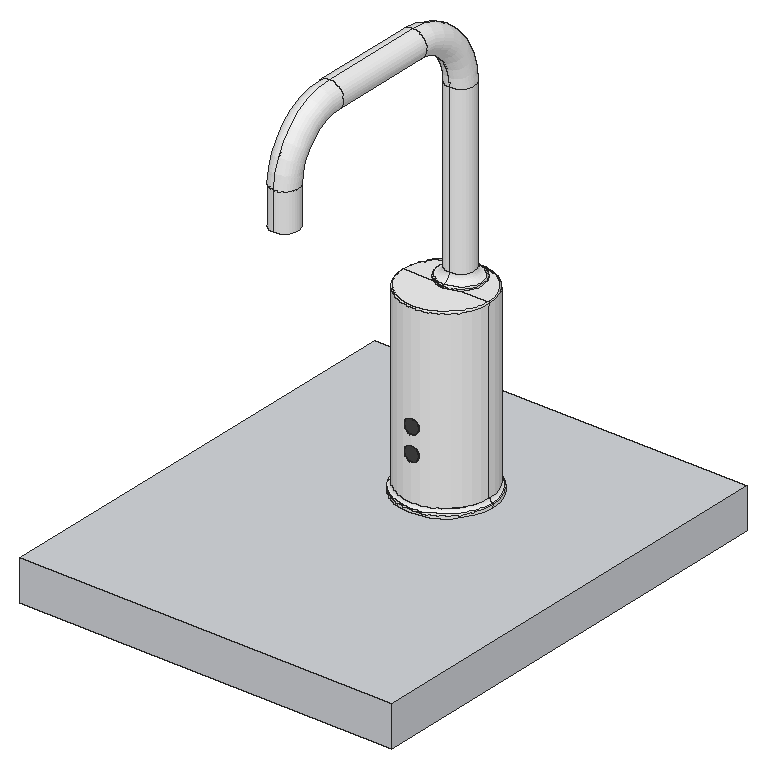
Revit family
Parameters (values of type "Chrome-Polished_Chrome-CP")
  Width = 0' - 2 5/8"
  WFU = 0
  URL = "http://www.us.kohler.com"
  Sensors = Sensors-Black
  Product Page URL = "http://www.us.kohler.com/onlinecatalog/detail.jsp?prod_num=13475"
  Product Documentation Link = "http://www.us.kohler.com/onlinecatalog/pdf/1126265_4.pdf"
  Model = "K-13475"  # constant formula
  Manufacturer = "Kohler"  # constant formula
  Length = 0' - 7 3/8"
  Installation = "Single-hole"  # constant formula
  Hot Water Radius = 3/16"
  Hot Water Diameter = Hot Water Radius * 2  # 3/8"
  Hot Water Connection = "Hot Water Connector"  # constant formula
  Height = 1' - 0 1/8"
  HWFU = 0
  HW Connection = yes
  Finish = Chrome-Kohler-CP-Polished Chrome
  Description = "Gooseneck Touchless AC-powered Deck-mount Faucet\r\n"  # constant formula
  Default Elevation = 0' - 0"
  Created By = "http://medialab3dstudio.com/"
  Cold Water Radius = 3/16"
  Cold Water Diameter = Cold Water Radius * 2  # 3/8"
  Cold Water Connection = "Cold Water Connector"  # constant formula
  CWFU = 0
  CW Connection = yes
  Assembly Code = "D2010"
Types (3): name | Finish
  (no name) | Chrome-Kohler-CP-Polished Chrome
  Steel-Vibrant_Stainless-VS | Steel-Kohler-VS-Vibrant Stainless
  Chrome-Polished_Chrome-CP | Chrome-Kohler-CP-Polished Chrome
Reference planes (in)
  plane 1 "Back": y = 0
  plane 2 "Bottom": z = 0
  plane 3 "Center (Left/Right)": x = 0
  plane 4 "Left": x = -1.3125
  plane 5 "Right": x = 1.3125
  plane 6 "Front of Base": y = -2.625
  plane 7 "Top of Spout": z = 5.13758
  plane 8: x = -1.21515
  plane 9: z = 0.19946
  plane 10: y = -0.20719
  plane 11: z = 5.41928
  plane 12: z = 5.19898
  plane 13: z = 11.74609
  plane 14: y = -6.99576
  plane 15: y = -0.81246
  plane 16: z = 5.41651
  plane 17: z = 2.11506
  plane 18: x = 0
  plane 19: z = 2.11482
  plane 20: z = 1.42524
  plane 21: x = 0
  plane 22: z = 1.42308
  plane 23: x = 0
  plane 24 "Front": y = -7.375
  plane 25 "Top": z = 12.125
  plane 26: y = -0.9173
  plane 27: y = -1.52988
  plane 28: y = -1.40189
  plane 29: y = -1.04534
  plane 30: y = -0.81285
  plane 31: y = -1.22287
  plane 32: x = 0.49462
  plane 33: x = -0.49462
Forms (in)
  Extrusion 1, solid
    sketch origin (0, 0, 0) x (1, 0, 0) y (0, 1, 0)
      loop
        line (-5.38196, 2.92434) -> (-5.38196, -9.57092) -> (5.06552, -9.57092) -> (5.06552, 2.92434) -> (-5.38196, 2.92434)
    from 0 to -1.1254
  Revolve 2, solid, material "Chrome-Kohler-CP-Polished Chrome" <- "Finish", detail levels fine
    sketch origin (0, -1.3125, 0) x (1, 0, 0) y (0, 0, 1)
      loop
        line (0, 0) -> (0, 5.13758) -> (-1.18617, 5.13758)
        arc (-1.18617, 5.13758) -> (-1.20666, 5.1291) -> (-1.21515, 5.10861) r 0.02898
        line (-1.21515, 5.10861) -> (-1.21515, 0.19946)
        arc (-1.21515, 0.19946) -> (-1.23864, 0.13482) -> (-1.29699, 0.0984) r 0.10547
        arc (-1.29699, 0.0984) -> (-1.30834, 0.08704) -> (-1.3125, 0.07153) r 0.03103
        line (-1.3125, 0.07153) -> (-1.3125, 0) -> (0, 0)
      axis (0, 5.13758) -> (0, 0)
    angle from 0 to 360
  Revolve 3, solid, material "Chrome-Kohler-CP-Polished Chrome" <- "Finish", detail levels fine
    sketch origin (0, -0.87954, 0) x (0, -1, 0) y (0, 0, 1)
      loop
        line (-0.18173, 5.13758) -> (-0.18173, 5.41928) -> (-0.44641, 5.41928)
        arc (-0.44641, 5.41928) -> (-0.50901, 5.26802) -> (-0.65744, 5.19898) r 0.22547
        arc (-0.65744, 5.19898) -> (-0.67695, 5.18967) -> (-0.68487, 5.16956) r 0.02949
        line (-0.68487, 5.16956) -> (-0.68487, 5.13758) -> (-0.18173, 5.13758)
      axis (-0.06669, 5.41928) -> (-0.06669, 5.13758)
    angle from 0 to 360
  Sweep 4, solid, material "Chrome-Kohler-CP-Polished Chrome" <- "Finish", detail levels fine
    path origin (0, 0.00468, 0) x (0, 1, 0) y (0, 0, 1)
      loop
        line (-0.81714, 5.41651) -> (-0.81714, 10.08672)
        arc (-0.81714, 10.08672) -> (-1.30315, 11.26008) -> (-2.47651, 11.74609) r 1.65937
        line (-2.47651, 11.74609) -> (-5.41231, 11.74609)
        arc (-5.41231, 11.74609) -> (-6.51854, 11.29773) -> (-7.00044, 10.2057) r 1.58887
        line (-7.00044, 10.2057) -> (-7.00044, 9.14197)
    profile origin (0, -0.81246, 7.75162) x (0, -1, 0) y (1, 0, 0)
      loop
        circle (0, 0) r 0.37923
  Extrusion 5, void
    sketch origin (0, 0, 0) x (1, 0, 0) y (0, 0, 1)
      loop
        arc (-0.21742, 2.11482) -> (-0.15374, 1.96108) -> (0, 1.8974) r 0.21742
        arc (0, 1.8974) -> (0.15374, 1.96108) -> (0.21742, 2.11482) r 0.21742
        arc (0.21742, 2.11482) -> (0.15374, 2.26855) -> (0, 2.33223) r 0.21742
        arc (0, 2.33223) -> (-0.15374, 2.26855) -> (-0.21742, 2.11482) r 0.21742
    from 2.44704 to 2.52902
  Extrusion 6, void
    sketch origin (0, 0, -0.69173) x (1, 0, 0) y (0, 0, 1)
      loop
        arc (-0.21742, 2.11482) -> (-0.15374, 1.96108) -> (0, 1.8974) r 0.21742
        arc (0, 1.8974) -> (0.15374, 1.96108) -> (0.21742, 2.11482) r 0.21742
        arc (0.21742, 2.11482) -> (0.15374, 2.26855) -> (0, 2.33223) r 0.21742
        arc (0, 2.33223) -> (-0.15374, 2.26855) -> (-0.21742, 2.11482) r 0.21742
    from 2.44704 to 2.52902
  Extrusion 7, solid, material "Sensors-Black" <- "Sensors", detail levels fine
    sketch origin (0, 0, 0) x (1, 0, 0) y (0, 0, 1)
      loop
        arc (-0.18898, 2.11506) -> (-0.13363, 1.98143) -> (0, 1.92608) r 0.18898
        arc (0, 1.92608) -> (0.13363, 1.98143) -> (0.18898, 2.11506) r 0.18898
        arc (0.18898, 2.11506) -> (0.13363, 2.24869) -> (0, 2.30404) r 0.18898
        arc (0, 2.30404) -> (-0.13363, 2.24869) -> (-0.18898, 2.11506) r 0.18898
    from 2.44704 to 2.52039
  Extrusion 8, solid, material "Sensors-Black" <- "Sensors", detail levels fine
    sketch origin (0, 0, -0.68982) x (1, 0, 0) y (0, 0, 1)
      loop
        arc (-0.18898, 2.11506) -> (-0.13363, 1.98143) -> (0, 1.92608) r 0.18898
        arc (0, 1.92608) -> (0.13363, 1.98143) -> (0.18898, 2.11506) r 0.18898
        arc (0.18898, 2.11506) -> (0.13363, 2.24869) -> (0, 2.30404) r 0.18898
        arc (0, 2.30404) -> (-0.13363, 2.24869) -> (-0.18898, 2.11506) r 0.18898
    from 2.44704 to 2.52039
  Extrusion 9, void
    sketch origin (0.49462, 0.17828, 0) x (1, 0, 0) y (0, 1, 0)
      loop
        circle (0, -1.40115) r 0.1875
    from 0 to 0.0984
  Extrusion 10, void
    sketch origin (-0.49462, 0.17828, 0) x (1, 0, 0) y (0, 1, 0)
      loop
        circle (0, -1.40115) r 0.1875
    from 0 to 0.0984
  Extrusion 11, solid, material "Chrome-Kohler-CP-Polished Chrome" <- "Finish", not visible, detail levels fine
    sketch origin (0, 0, 0) x (1, 0, 0) y (0, 1, 0)
      loop
        arc (0.30712, -1.22287) -> (0.36203, -1.35545) -> (0.49462, -1.41037) r 0.1875
        arc (0.49462, -1.41037) -> (0.6272, -1.35545) -> (0.68212, -1.22287) r 0.1875
        arc (0.68212, -1.22287) -> (0.6272, -1.09029) -> (0.49462, -1.03537) r 0.1875
        arc (0.49462, -1.03537) -> (0.36203, -1.09029) -> (0.30712, -1.22287) r 0.1875
      loop
        arc (-0.49462, -1.03537) -> (-0.6272, -1.09029) -> (-0.68212, -1.22287) r 0.1875
        arc (-0.68212, -1.22287) -> (-0.6272, -1.35545) -> (-0.49462, -1.41037) r 0.1875
        arc (-0.49462, -1.41037) -> (-0.36203, -1.35545) -> (-0.30712, -1.22287) r 0.1875
        arc (-0.30712, -1.22287) -> (-0.36203, -1.09029) -> (-0.49462, -1.03537) r 0.1875
    from 0 to 0.0984
  Extrusion 12, solid, material "Chrome-Kohler-CP-Polished Chrome" <- "Finish", detail levels coarse+medium
    sketch origin (0, 0, 0) x (1, 0, 0) y (0, 1, 0)
      loop
        line (-1.3125, 0) -> (-1.3125, -7.375) -> (1.3125, -7.375) -> (1.3125, 0) -> (-1.3125, 0)
    from 0 to 12.125
Cuts and joins
  Extrusion 5, Extrusion 6, Extrusion 9, Extrusion 10 cuts Revolve 2
  joined: Revolve 2, Revolve 3
Lines and regions (in)
  Masking region 1, detail levels coarse
    outline origin (0, 0, 0) x (1, 0, 0) y (0, 1, 0)
      loop
        line (-1.3125, 0) -> (-1.3125, -7.375) -> (1.3125, -7.375) -> (1.3125, 0) -> (-1.3125, 0)
  Masking region 2, detail levels medium+fine
    outline origin (0, 0, 0) x (1, 0, 0) y (0, 1, 0)
      loop
        line (-0.37924, -2.56902) -> (-0.37924, -6.99756)
        arc (-0.37924, -6.99756) -> (0, -7.37679) -> (0.37923, -6.99756) r 0.37923
        line (0.37923, -6.99756) -> (0.37923, -2.56902)
        arc (0.37923, -2.56902) -> (1.1282, -1.98319) -> (1.28502, -1.04534) r 1.3125
        arc (1.28502, -1.04534) -> (-0.88629, -0.34444) -> (-0.37924, -2.56902) r 1.3125
  Masking region 3, detail levels coarse
    outline origin (0, 0, 0) x (1, 0, 0) y (0, 0, 1)
      loop
        line (-1.3125, 12.125) -> (-1.3125, 0) -> (1.3125, 0) -> (1.3125, 12.125) -> (-1.3125, 12.125)
  Masking region 4, detail levels medium+fine
    outline origin (0, -2.625, 0) x (-1, 0, 0) y (0, 0, 1)
      loop
        line (-1.3125, 0) -> (1.3125, 0) -> (1.3125, 0.07153)
        arc (1.3125, 0.07153) -> (1.3084, 0.08708) -> (1.29699, 0.0984) r 0.0306
        arc (1.29699, 0.0984) -> (1.23921, 0.13528) -> (1.21515, 0.19946) r 0.10831
        line (1.21515, 0.19946) -> (1.21515, 5.10861)
        arc (1.21515, 5.10861) -> (1.20666, 5.1291) -> (1.18617, 5.13758) r 0.02898
        line (1.18617, 5.13758) -> (0.59826, 5.13758) -> (0.59826, 5.16956)
        arc (0.59826, 5.16956) -> (0.59078, 5.18919) -> (0.57214, 5.19886) r 0.0295
        arc (0.57214, 5.19886) -> (0.43116, 5.26823) -> (0.37923, 5.41651) r 0.20746
        line (0.37923, 5.41651) -> (0.37923, 11.74436)
        arc (0.37923, 11.74436) -> (0.00015, 12.12344) -> (-0.37892, 11.74436) r 0.37908
        line (-0.37892, 11.74436) -> (-0.37892, 5.41651)
        arc (-0.37892, 5.41651) -> (-0.43062, 5.26871) -> (-0.57082, 5.19899) r 0.20773
        arc (-0.57082, 5.19899) -> (-0.58994, 5.19001) -> (-0.59825, 5.17058) r 0.02968
        line (-0.59825, 5.17058) -> (-0.59825, 5.13758) -> (-1.18617, 5.13758)
        arc (-1.18617, 5.13758) -> (-1.20668, 5.12909) -> (-1.21517, 5.10858) r 0.029
        line (-1.21517, 5.10858) -> (-1.21517, 0.19951)
        arc (-1.21517, 0.19951) -> (-1.23819, 0.13448) -> (-1.29699, 0.0984) r 0.10338
        arc (-1.29699, 0.0984) -> (-1.30833, 0.08703) -> (-1.3125, 0.07153) r 0.03114
        line (-1.3125, 0.07153) -> (-1.3125, 0)
  Masking region 5, detail levels coarse
    outline origin (0, 0, 0) x (0, 1, 0) y (0, 0, 1)
      loop
        line (0, 12.125) -> (-7.375, 12.125) -> (-7.375, 0) -> (0, 0) -> (0, 12.125)
  Masking region 6, detail levels medium+fine
    outline origin (0, 0, 0) x (0, 1, 0) y (0, 0, 1)
      loop
        line (0, 0) -> (0, 0.07182)
        arc (0, 0.07182) -> (-0.00416, 0.08721) -> (-0.01551, 0.0984) r 0.03053
        arc (-0.01551, 0.0984) -> (-0.07358, 0.13504) -> (-0.09735, 0.19946) r 0.10682
        line (-0.09735, 0.19946) -> (-0.09735, 5.10856)
        arc (-0.09735, 5.10856) -> (-0.10585, 5.12908) -> (-0.12637, 5.13758) r 0.02902
        line (-0.12637, 5.13758) -> (-0.19467, 5.13758) -> (-0.19467, 5.16952)
        arc (-0.19467, 5.16952) -> (-0.20259, 5.18961) -> (-0.2221, 5.19889) r 0.02944
        arc (-0.2221, 5.19889) -> (-0.37025, 5.26819) -> (-0.43313, 5.41918) r 0.22654
        line (-0.43313, 5.41918) -> (-0.43313, 10.10196)
        arc (-0.43313, 10.10196) -> (-1.02567, 11.53247) -> (-2.45617, 12.125) r 2.02304
        line (-2.45617, 12.125) -> (-5.44685, 12.125)
        arc (-5.44685, 12.125) -> (-6.81026, 11.56026) -> (-7.375, 10.19685) r 1.92815
        line (-7.375, 10.19685) -> (-7.375, 9.14197) -> (-6.61653, 9.14197) -> (-6.61653, 10.19947)
        arc (-6.61653, 10.19947) -> (-6.2471, 11.02676) -> (-5.40744, 11.36712) r 1.21266
        line (-5.40744, 11.36712) -> (-2.48041, 11.36712)
        arc (-2.48041, 11.36712) -> (-1.58184, 11.00202) -> (-1.19257, 10.11366) r 1.28831
        line (-1.19257, 10.11366) -> (-1.19257, 5.41928)
        arc (-1.19257, 5.41928) -> (-1.25533, 5.26817) -> (-1.4036, 5.19898) r 0.22606
        arc (-1.4036, 5.19898) -> (-1.42317, 5.18969) -> (-1.43108, 5.16952) r 0.02943
        line (-1.43108, 5.16952) -> (-1.43108, 5.13758) -> (-2.49862, 5.13758)
        arc (-2.49862, 5.13758) -> (-2.51919, 5.12907) -> (-2.5277, 5.1085) r 0.02908
        line (-2.5277, 5.1085) -> (-2.5277, 0.19941)
        arc (-2.5277, 0.19941) -> (-2.55179, 0.1353) -> (-2.60949, 0.0984) r 0.10846
        arc (-2.60949, 0.0984) -> (-2.621, 0.08713) -> (-2.625, 0.07153) r 0.02993
        line (-2.625, 0.07153) -> (-2.625, 0) -> (0, 0)
  symbolic lines, style "Masking Lines", detail levels fine
    curve 1: arc (-0.38196, -1.34233, 0) -> (-0.00037, -0.27922, 0) -> (0.38071, -1.34252, 0) r 0.59999
    curve 2: arc (-0.38196, -0.7959, 0) -> (-0.00063, -0.41457, 0) -> (0.38071, -0.7959, 0) r 0.38133
    curve 3: line (0.38071, -1.34252, 0) -> (0.38071, -2.569, 0)
    curve 4: line (-0.38196, -1.34233, 0) -> (-0.38196, -2.569, 0)
    curve 5: line (-0.38196, -1.34233, 0) -> (-0.38196, -0.7959, 0)
    curve 6: line (0.38071, -1.34252, 0) -> (0.38071, -0.7959, 0)
    curve 7: arc (0.21742, -7.375, 2.11482) -> (0.15374, -7.375, 2.26855) -> (0, -7.375, 2.33223) r 0.21742
    curve 8: arc (0, -7.375, 1.8974) -> (0.15374, -7.375, 1.96108) -> (0.21742, -7.375, 2.11482) r 0.21742
    curve 9: arc (-0.21742, -7.375, 2.11482) -> (-0.15374, -7.375, 1.96108) -> (0, -7.375, 1.8974) r 0.21742
    curve 10: arc (0, -7.375, 2.33223) -> (-0.15374, -7.375, 2.26855) -> (-0.21742, -7.375, 2.11482) r 0.21742
    curve 11: arc (0, -7.375, 2.30404) -> (-0.13363, -7.375, 2.24869) -> (-0.18898, -7.375, 2.11506) r 0.18898
    curve 12: arc (0.18898, -7.375, 2.11506) -> (0.13363, -7.375, 2.24869) -> (0, -7.375, 2.30404) r 0.18898
    curve 13: arc (0, -7.375, 1.92608) -> (0.13363, -7.375, 1.98143) -> (0.18898, -7.375, 2.11506) r 0.18898
    curve 14: arc (-0.18898, -7.375, 2.11506) -> (-0.13363, -7.375, 1.98143) -> (0, -7.375, 1.92608) r 0.18898
    curve 15: arc (0.21742, -7.375, 1.42308) -> (0.15374, -7.375, 1.57682) -> (0, -7.375, 1.6405) r 0.21742
    curve 16: arc (0, -7.375, 1.20567) -> (0.15374, -7.375, 1.26935) -> (0.21742, -7.375, 1.42308) r 0.21742
    curve 17: arc (-0.21742, -7.375, 1.42308) -> (-0.15374, -7.375, 1.26935) -> (0, -7.375, 1.20567) r 0.21742
    curve 18: arc (0, -7.375, 1.6405) -> (-0.15374, -7.375, 1.57682) -> (-0.21742, -7.375, 1.42308) r 0.21742
    curve 19: arc (0, -7.375, 1.61422) -> (-0.13363, -7.375, 1.55887) -> (-0.18898, -7.375, 1.42524) r 0.18898
    curve 20: arc (0.18898, -7.375, 1.42524) -> (0.13363, -7.375, 1.55887) -> (0, -7.375, 1.61422) r 0.18898
    curve 21: arc (0, -7.375, 1.23626) -> (0.13363, -7.375, 1.29161) -> (0.18898, -7.375, 1.42524) r 0.18898
    curve 22: arc (-0.18898, -7.375, 1.42524) -> (-0.13363, -7.375, 1.29161) -> (0, -7.375, 1.23626) r 0.18898
    curve 23: line (-0.59826, 0, 5.13758) -> (0.59825, 0, 5.13758)
    curve 24: line (-0.37923, -7.375, 9.14197) -> (0.37923, -7.375, 9.14197)
    curve 25: line (0, -0.2221, 5.19898) -> (0, -1.4036, 5.19898)
    curve 26: line (0, -0.01551, 0.0984) -> (0, -2.60949, 0.0984)
    curve 27: line (0, -1.19257, 5.41928) -> (0, -0.43313, 5.41928)
    curve 28: line (0, -7.375, 10.19685) -> (0, -6.61662, 10.19685)
    curve 29: line (-0.57214, 0, 5.19886) -> (0.57257, 0, 5.19886)
    curve 30: line (-0.37923, 0, 5.41651) -> (0.37923, 0, 5.41651)
    curve 31: line (-1.21515, 0, 0.19946) -> (1.21515, 0, 0.19946)
    curve 32: line (-1.29699, 0, 0.0984) -> (1.29699, 0, 0.0984)
    curve 33: line (0, -1.43104, 5.13758) -> (0, -0.19467, 5.13758)
    curve 34: line (0, -2.52765, 0.19946) -> (0, -0.09735, 0.19946)
Dimensions and locks (in)
  equal spacing: plane 4 "Left", plane 3 "Center (Left/Right)", plane 5 "Right"
  locked: plane 4 "Left" to plane 8 at 0.09735
  locked: plane 9 to plane 2 "Bottom" at 0.19946
  plane 1 "Back" to plane 15 = 0' - 0.81246"
  locked: plane 21 to plane 4 "Left" at 1.3125
  locked: plane 20 to plane 2 "Bottom" at 1.42524
  locked: plane 22 to plane 2 "Bottom" at 1.42308
  locked: plane 23 to plane 4 "Left" at 1.3125
  "Length": plane 1 "Back" to plane 24 "Front"
  "Height": plane 25 "Top" to level
  locked: plane 13 to plane 25 "Top" at 0.37891
  locked: plane 16 to plane 7 "Top of Spout" at 0.27893
  locked: plane 1 "Back" to plane 15 at 0.81246
  locked: plane 15 to plane 14 at 6.1833
  plane 27 to plane 28 to plane 29 to plane 26 to plane 1 "Back" = 0' - 0.12798" locked, 0' - 0.35655" locked, 0' - 0.12804" locked, 0' - 0.9173" locked
  plane 11 to plane 12 to plane 7 "Top of Spout" = 0' - 0.2203" locked, 0' - 0.0614" locked
  plane 1 "Back" to plane 10 to plane 30 = 0' - 0.20719" locked, 0' - 0.60566" locked
  plane 33 to plane 3 "Center (Left/Right)" to plane 32 = 0' - 0.49462" locked, 0' - 0.49462" locked
  "Width": plane 4 "Left" to plane 5 "Right"
  radius of Revolve 2 sketch curve = 0' - 0.03103"
  radius of Revolve 2 sketch curve = 0' - 0 27/256"
  "Cold Water Radius": radius of Extrusion 9 sketch curve
  "Hot Water Radius": radius of Extrusion 10 sketch curve
  "Cold Water Radius": radius of Extrusion 11 sketch curve
  "Hot Water Radius": radius of Extrusion 11 sketch curve
  aligned and locked: plane 2 "Bottom" to Extrusion 1
  aligned and locked: level to Extrusion 1
  aligned and locked: plane 4 "Left" to Revolve 2 sketch curve  (x2)
  aligned and locked: Revolve 2 sketch curve to plane 3 "Center (Left/Right)"
  aligned and locked: plane 2 "Bottom" to Revolve 2 sketch curve
  aligned and locked: Revolve 2 sketch curve to plane 7 "Top of Spout"
  aligned and locked: Revolve 2 sketch curve to plane 8
  aligned and locked: plane 9 to Revolve 2 sketch curve
  aligned and locked: plane 3 "Center (Left/Right)" to cut or joined group of Revolve 2, Revolve 3, Extrusion 5, Extrusion 6, Extrusion 9, Extrusion 10
  aligned and locked: plane 7 "Top of Spout" to Revolve 3 sketch curve
  aligned and locked: plane 12 to Revolve 3 sketch curve
  aligned and locked: plane 13 to Sweep 4 sketch curve
  aligned and locked: Sweep 4 sketch curve to plane 15
  aligned and locked: plane 16 to Sweep 4 sketch curve
  aligned and locked: plane 18 to Extrusion 7 sketch curve  (x2)
  aligned and locked: plane 17 to Extrusion 7 sketch curve  (x2)
  aligned and locked: plane 3 "Center (Left/Right)" to Extrusion 5 sketch curve  (x2)
  aligned and locked: plane 19 to Extrusion 5 sketch curve  (x2)
  aligned and locked: plane 21 to Extrusion 8 sketch curve  (x2)
  aligned and locked: plane 20 to Extrusion 8 sketch curve  (x2)
  aligned and locked: plane 22 to Extrusion 6 sketch curve  (x2)
  aligned and locked: plane 23 to Extrusion 6 sketch curve  (x2)
  aligned and locked: plane 24 "Front" to Sweep 4
  aligned and locked: plane 1 "Back" to Masking region 1 sketch curve
  aligned and locked: plane 24 "Front" to Masking region 1 sketch curve
  aligned and locked: plane 4 "Left" to Masking region 1 sketch curve
  aligned and locked: Masking region 2 sketch curve to cut or joined group of Revolve 2, Revolve 3, Extrusion 5, Extrusion 6, Extrusion 9, Extrusion 10  (x2)
  aligned and locked: plane 25 "Top" to Masking region 3 sketch curve
  aligned and locked: plane 2 "Bottom" to Masking region 3 sketch curve
  aligned and locked: plane 4 "Left" to Masking region 3 sketch curve
  aligned and locked: plane 2 "Bottom" to Masking region 4 sketch curve
  aligned and locked: Masking region 4 sketch curve to plane 7 "Top of Spout"  (x2)
  aligned and locked: Masking region 4 sketch curve to cut or joined group of Revolve 2, Revolve 3, Extrusion 5, Extrusion 6, Extrusion 9, Extrusion 10
  aligned and locked: curve 7 to cut or joined group of Revolve 2, Revolve 3, Extrusion 5, Extrusion 6, Extrusion 9, Extrusion 10
  aligned and locked: curve 8 to cut or joined group of Revolve 2, Revolve 3, Extrusion 5, Extrusion 6, Extrusion 9, Extrusion 10
  aligned and locked: curve 9 to cut or joined group of Revolve 2, Revolve 3, Extrusion 5, Extrusion 6, Extrusion 9, Extrusion 10
  aligned and locked: curve 10 to cut or joined group of Revolve 2, Revolve 3, Extrusion 5, Extrusion 6, Extrusion 9, Extrusion 10
  aligned and locked: curve 15 to cut or joined group of Revolve 2, Revolve 3, Extrusion 5, Extrusion 6, Extrusion 9, Extrusion 10
  aligned and locked: curve 16 to cut or joined group of Revolve 2, Revolve 3, Extrusion 5, Extrusion 6, Extrusion 9, Extrusion 10
  aligned and locked: curve 17 to cut or joined group of Revolve 2, Revolve 3, Extrusion 5, Extrusion 6, Extrusion 9, Extrusion 10
  aligned and locked: curve 18 to cut or joined group of Revolve 2, Revolve 3, Extrusion 5, Extrusion 6, Extrusion 9, Extrusion 10
  aligned and locked: plane 25 "Top" to Masking region 5 sketch curve
  aligned and locked: plane 24 "Front" to Masking region 5 sketch curve
  aligned and locked: plane 2 "Bottom" to Masking region 5 sketch curve
  aligned and locked: plane 1 "Back" to Masking region 5 sketch curve
  aligned and locked: plane 30 to Revolve 3 sketch curve
  aligned and locked: plane 11 to Revolve 3 sketch curve
  aligned and locked: plane 2 "Bottom" to Masking region 6 sketch curve
  aligned and locked: plane 1 "Back" to Masking region 6 sketch curve
  aligned and locked: plane 6 "Front of Base" to Masking region 6 sketch curve
  aligned and locked: Masking region 6 sketch curve to plane 7 "Top of Spout"  (x2)
  aligned and locked: plane 25 "Top" to Masking region 6 sketch curve
  aligned and locked: plane 24 "Front" to Masking region 6 sketch curve
  aligned and locked: plane 33 to Extrusion 11 sketch curve
  aligned and locked: plane 31 to Extrusion 11 sketch curve  (x2)
  aligned and locked: plane 32 to Extrusion 11 sketch curve
  aligned and locked: Extrusion 11 to plane 2 "Bottom"
Automatic sketch dimensions
  Extrusion 1 sketch curve to Extrusion 1 sketch curve = 0' - 10.44748"
  Extrusion 1 sketch curve to Extrusion 1 sketch curve = 1' - 0.49525"
  Sweep 4 sketch curve to Sweep 4 sketch curve = 0' - 1.58813"
  plane 6 "Front of Base" to Sweep 4 sketch curve = 0' - 0.15317"
  plane 7 "Top of Spout" to Sweep 4 sketch curve = 0' - 4.00439"
  Sweep 4 sketch curve to Sweep 4 sketch curve = 0' - 1.58887"
  Sweep 4 sketch curve to plane 3 "Center (Left/Right)" = 0' - 0"
  Sweep 4 sketch curve to profile plane = 0' - 0"
  plane 3 "Center (Left/Right)" to Extrusion 9 sketch curve = 0' - 0.49462"
  plane 1 "Back" to Extrusion 9 sketch curve = 0' - 1.22287"
  Extrusion 10 sketch curve to plane 3 "Center (Left/Right)" = 0' - 0.49462"
  plane 1 "Back" to Extrusion 10 sketch curve = 0' - 1.22287"
  Extrusion 7 sketch curve to Extrusion 7 sketch curve = 0' - 0.18898"
  Extrusion 5 sketch curve to plane 3 "Center (Left/Right)" = 0' - 0.21742"
  Extrusion 8 sketch curve to Extrusion 8 sketch curve = 0' - 0.18898"
  Extrusion 6 sketch curve to plane 3 "Center (Left/Right)" = 0' - 0.21742"
  Sweep 4 sketch curve to plane 14 = 0' - 0"
  Revolve 2 sketch curve to level = 0' - 0"  (x2)
  Revolve 2 sketch curve to plane 3 "Center (Left/Right)" = 0' - 0"
  Revolve 2 sketch curve to plane 7 "Top of Spout" = 0' - 0"
  Revolve 2 sketch curve to plane 9 = 0' - 0.00173"
  plane 4 "Left" to Revolve 2 sketch curve = 0' - 0.01551"
  Revolve 2 sketch curve to plane 8 = 0' - 0.02898"
  plane 3 "Center (Left/Right)" to curve 2 = 0' - 0.38071"
  curve 2 to plane 3 "Center (Left/Right)" = 0' - 0.00063"
  curve 1 to plane 3 "Center (Left/Right)" = 0' - 0.00051"
  curve 3 to curve 1 = 0' - 0.00019"
  curve 1 to curve 2 = 0' - 0.08331"
  curve 7 to curve 8 = 0' - 0"  (x2)
  curve 7 to curve 9 = 0' - 0"  (x2)
  curve 7 to curve 10 = 0' - 0"  (x2)
  curve 8 to curve 9 = 0' - 0"  (x2)
  curve 8 to curve 10 = 0' - 0"  (x2)
  curve 9 to curve 10 = 0' - 0"  (x2)
  curve 11 to curve 12 = 0' - 0"  (x4)
  curve 11 to curve 13 = 0' - 0"  (x4)
  curve 11 to curve 14 = 0' - 0"  (x4)
  curve 12 to curve 13 = 0' - 0"  (x4)
  curve 12 to curve 14 = 0' - 0"  (x4)
  curve 13 to curve 14 = 0' - 0"  (x4)
  curve 15 to curve 16 = 0' - 0"  (x2)
  curve 15 to curve 17 = 0' - 0"  (x2)
  curve 15 to curve 18 = 0' - 0"  (x2)
  curve 16 to curve 17 = 0' - 0"  (x2)
  curve 16 to curve 18 = 0' - 0"  (x2)
  curve 17 to curve 18 = 0' - 0"  (x2)
  curve 19 to curve 20 = 0' - 0"  (x2)
  curve 19 to curve 21 = 0' - 0"  (x2)
  curve 19 to curve 22 = 0' - 0"  (x2)
  curve 20 to curve 21 = 0' - 0"  (x2)
  curve 20 to curve 22 = 0' - 0"  (x3)
  curve 21 to curve 22 = 0' - 0"  (x2)
  curve 23 to curve 24 = 0' - 4.01037"  (x2)
  curve 23 to curve 17 = 0' - 3.73397"
  curve 9 to curve 17 = 0' - 0.69173"
  curve 9 to curve 14 = 0' - 0.02844"
  curve 17 to curve 19 = 0' - 0.02852"
  curve 11 to curve 10 = 0' - 0.28789"
  curve 11 to curve 7 = 0' - 0.00024"
  curve 22 to curve 22 = 0' - 0.26726"
  curve 19 to curve 15 = 0' - 0.00216"
  curve 24 to curve 24 = 0' - 0.75846"
  curve 23 to curve 23 = 0' - 1.19651"
  curve 17 to curve 22 = 0' - 0.03059"
  curve 18 to curve 9 = 0' - 0.2569"
  curve 9 to curve 14 = 0' - 0.02868"  (x2)
  curve 10 to curve 23 = 0' - 2.86843"
  plane 11 to Revolve 3 sketch curve = 0' - 0"
  Revolve 3 sketch curve to plane 7 "Top of Spout" = 0' - 0"
  plane 10 to Revolve 3 sketch curve = 0' - 0.01252"
  Revolve 3 sketch curve to plane 10 = 0' - 0.00051"
  Revolve 3 sketch curve to plane 10 = 0' - 0.01491"
  Revolve 3 sketch curve to plane 10 = 0' - 0.01697"
  Revolve 3 sketch curve to Revolve 3 sketch curve = 0' - 0.22543"
  Revolve 3 sketch curve to Revolve 3 sketch curve = 0' - 0.11504"
  Masking region 6 sketch curve to Masking region 6 sketch curve = 0' - 0.0394"
  Masking region 6 sketch curve to Masking region 6 sketch curve = 0' - 0.04214"
  Masking region 6 sketch curve to plane 6 "Front of Base" = 0' - 0.01109"
  plane 6 "Front of Base" to Masking region 6 sketch curve = 0' - 0.01551"
  Masking region 6 sketch curve to Masking region 6 sketch curve = 0' - 0.0144"
  Masking region 6 sketch curve to Masking region 6 sketch curve = 0' - 0.02748"
  Masking region 6 sketch curve to Masking region 6 sketch curve = 0' - 0.00195"
  Masking region 6 sketch curve to Masking region 6 sketch curve = 0' - 0.00201"
  Masking region 6 sketch curve to Masking region 6 sketch curve = 0' - 0.02902"
  plane 1 "Back" to Masking region 6 sketch curve = 0' - 0.03053"
  Masking region 6 sketch curve to plane 1 "Back" = 0' - 0.00944"
  Masking region 6 sketch curve to Masking region 6 sketch curve = 0' - 1.05488"
  Masking region 6 sketch curve to Masking region 6 sketch curve = 0' - 0.02315"
  Masking region 6 sketch curve to Masking region 6 sketch curve = 0' - 0.04238"
  plane 31 to Extrusion 11 sketch curve = 0' - 0"
  plane 6 "Front of Base" to curve 3 = 0' - 0.056"
  plane 6 "Front of Base" to curve 4 = 0' - 0.056"
  Masking region 6 sketch curve to Masking region 6 sketch curve = 0' - 0.75847"
  plane 24 "Front" to Masking region 6 sketch curve = 0' - 1.92815"
  plane 6 "Front of Base" to Masking region 6 sketch curve = 0' - 0.0973"
  Masking region 6 sketch curve to Masking region 6 sketch curve = 0' - 0.02424"
  plane 6 "Front of Base" to Masking region 6 sketch curve = 0' - 0.14459"
  Masking region 6 sketch curve to Masking region 6 sketch curve = 0' - 0.99795"
  Masking region 6 sketch curve to Masking region 6 sketch curve = 0' - 0.09774"
  plane 1 "Back" to Masking region 6 sketch curve = 0' - 0.22411"
  Masking region 6 sketch curve to Masking region 6 sketch curve = 0' - 1.06755"
  Masking region 6 sketch curve to Masking region 6 sketch curve = 0' - 0 3/256"
  Masking region 6 sketch curve to Masking region 6 sketch curve = 0' - 0.01498"  (x2)
  Masking region 6 sketch curve to Masking region 6 sketch curve = 0' - 0.02908"
  Masking region 6 sketch curve to Masking region 6 sketch curve = 0' - 0.226"
  plane 1 "Back" to Masking region 6 sketch curve = 0' - 0.20666"
  curve 28 to plane 24 "Front" = 0' - 0"
  curve 33 to plane 7 "Top of Spout" = 0' - 0"
  curve 28 to curve 28 = 0' - 0.75838"
  plane 6 "Front of Base" to curve 26 = 0' - 0.01551"
  plane 6 "Front of Base" to curve 34 = 0' - 0.09735"
  plane 6 "Front of Base" to curve 33 = 0' - 1.19396"
  curve 33 to curve 25 = 0' - 0.02744"
  curve 25 to curve 27 = 0' - 0.21103"
  plane 1 "Back" to curve 27 = 0' - 0.43313"
  plane 1 "Back" to curve 25 = 0' - 0.2221"
  curve 25 to curve 33 = 0' - 0.02744"
  plane 1 "Back" to curve 34 = 0' - 0.09735"
  plane 1 "Back" to curve 26 = 0' - 0.01551"
  plane 25 "Top" to curve 28 = 0' - 1.92815"
  level to curve 26 = 0' - 0.0984"
  curve 26 to curve 34 = 0' - 0.10106"
  plane 1 "Back" to Masking region 6 sketch curve = 0' - 0.01551"
  level to Masking region 6 sketch curve = 0' - 0.07153"
  level to Masking region 6 sketch curve = 0' - 0.07182"
  Masking region 6 sketch curve to Masking region 6 sketch curve = 0' - 0.00064"
  Masking region 6 sketch curve to Masking region 6 sketch curve = 0' - 0.10101"
  Masking region 6 sketch curve to Masking region 6 sketch curve = 0' - 0.10106"
  plane 7 "Top of Spout" to curve 25 = 0' - 0.0614"
  plane 7 "Top of Spout" to curve 27 = 0' - 0.28169"
  Masking region 6 sketch curve to Masking region 6 sketch curve = 0' - 0"
  Masking region 6 sketch curve to Masking region 6 sketch curve = 0' - 0.02944"
  plane 7 "Top of Spout" to Masking region 6 sketch curve = 0' - 0.03193"  (x2)
  Masking region 6 sketch curve to Masking region 6 sketch curve = 0' - 0.0001"
  plane 3 "Center (Left/Right)" to curve 24 = 0' - 0.37923"
  curve 24 to plane 3 "Center (Left/Right)" = 0' - 0.37923"
  plane 25 "Top" to curve 24 = 0' - 2.98303"
  curve 23 to plane 7 "Top of Spout" = 0' - 0"
  plane 4 "Left" to curve 32 = 0' - 0.01551"
  plane 4 "Left" to curve 31 = 0' - 0.09735"
  curve 23 to plane 3 "Center (Left/Right)" = 0' - 0.59826"
  curve 23 to curve 29 = 0' - 0.02612"
  curve 29 to curve 30 = 0' - 0.1929"
  plane 3 "Center (Left/Right)" to curve 30 = 0' - 0.37923"
  plane 7 "Top of Spout" to curve 29 = 0' - 0.06128"
  curve 30 to curve 29 = 0' - 0.19334"
  curve 29 to curve 23 = 0' - 0.02568"
  curve 31 to plane 5 "Right" = 0' - 0.09735"
  curve 32 to plane 5 "Right" = 0' - 0.01551"
  level to curve 31 = 0' - 0.19946"
  level to curve 32 = 0' - 0.0984"
  plane 7 "Top of Spout" to curve 30 = 0' - 0.27893"
  plane 29 to Masking region 2 sketch curve = 0' - 0"
  Masking region 2 sketch curve to plane 3 "Center (Left/Right)" = 0' - 0"
  Masking region 2 sketch curve to Masking region 2 sketch curve = 0' - 0.37923"
  plane 24 "Front" to Masking region 2 sketch curve = 0' - 0.37744"
  curve 3 to curve 6 = 0' - 1.22648"
  Masking region 1 sketch curve to plane 5 "Right" = 0' - 0"
  Masking region 3 sketch curve to plane 5 "Right" = 0' - 0"
  Masking region 4 sketch curve to plane 5 "Right" = 0' - 0"
  Masking region 4 sketch curve to plane 4 "Left" = 0' - 0"
  plane 5 "Right" to Masking region 4 sketch curve = 0' - 0.00605"
  Masking region 4 sketch curve to plane 5 "Right" = 0' - 0.01551"
  Masking region 4 sketch curve to plane 5 "Right" = 0' - 0.03114"
  Masking region 4 sketch curve to plane 5 "Right" = 0' - 0.09733"
  Masking region 4 sketch curve to Masking region 4 sketch curve = 0' - 0.029"
  Masking region 4 sketch curve to Masking region 4 sketch curve = 0' - 0.58792"
  Masking region 4 sketch curve to Masking region 4 sketch curve = 0' - 0.01185"
  Masking region 4 sketch curve to Masking region 4 sketch curve = 0' - 0.02743"
  Masking region 4 sketch curve to Masking region 4 sketch curve = 0' - 0"
  Masking region 4 sketch curve to Masking region 4 sketch curve = 0' - 0.00223"
  Masking region 4 sketch curve to Masking region 4 sketch curve = 0' - 0.20747"
  Masking region 4 sketch curve to plane 3 "Center (Left/Right)" = 0' - 0.00015"
  plane 7 "Top of Spout" to Masking region 4 sketch curve = 0' - 0.03197"
  Masking region 4 sketch curve to Masking region 4 sketch curve = 0' - 0.18953"
  Masking region 4 sketch curve to Masking region 4 sketch curve = 0' - 0.00338"
  Masking region 4 sketch curve to Masking region 4 sketch curve = 0' - 0.20718"
  Masking region 4 sketch curve to Masking region 4 sketch curve = 0' - 0.0295"
  Masking region 4 sketch curve to Masking region 4 sketch curve = 0' - 0.02898"
  plane 4 "Left" to Masking region 4 sketch curve = 0' - 0.0306"
  plane 4 "Left" to Masking region 4 sketch curve = 0' - 0.01551"
  Masking region 4 sketch curve to plane 4 "Left" = 0' - 0.01089"
  level to Masking region 4 sketch curve = 0' - 0.07146"
  level to Masking region 4 sketch curve = 0' - 0.07153"
  Masking region 4 sketch curve to Masking region 4 sketch curve = 0' - 0.00006"
  Masking region 4 sketch curve to Masking region 4 sketch curve = 0' - 0.00025"
  Masking region 4 sketch curve to Masking region 4 sketch curve = 0' - 0.10106"
  plane 7 "Top of Spout" to Masking region 4 sketch curve = 0' - 0.0318"
  Masking region 4 sketch curve to Masking region 4 sketch curve = 0' - 0.00119"
  Masking region 4 sketch curve to Masking region 4 sketch curve = 0' - 0.20697"
  plane 25 "Top" to Masking region 4 sketch curve = 0' - 0.38064"
  Extrusion 12 sketch curve to plane 4 "Left" = 0' - 0"
  Extrusion 12 sketch curve to plane 5 "Right" = 0' - 0"
  Extrusion 12 sketch curve to plane 24 "Front" = 0' - 0"
  plane 1 "Back" to Extrusion 12 sketch curve = 0' - 0"
  curve 22 to plane 3 "Center (Left/Right)" = 0' - 0"
  curve 15 to curve 20 = 0' - 0.02843"
  curve 16 to curve 22 = 0' - 0.03059"
  curve 11 to plane 3 "Center (Left/Right)" = 0' - 0"
  curve 8 to curve 12 = 0' - 0.02843"
  Extrusion 11 sketch curve to Extrusion 11 sketch curve = 0' - 0"
  Extrusion 11 sketch curve to plane 32 = 0' - 0"
  radius of Sweep 4 sketch curve = 0' - 0.37923"
Connectors (in)
  piping at (0.49462, -1.22287, 0), driven by "Cold Water Radius", driven by "CW Connection", driven by "Cold Water Connection", driven by "CWFU"
    settings: on Extrusion 11, index 1, connector radius 3/16", flow factor 0, pipe flow 0.5 GPM, pressure drop 0.00 psi, fitting loss kfactor 0, connector angle 0.00°, fixture units 0, flow configuration 3, flow direction 1, fitting loss method 0, system type 20, connector reference index -1, connector utility 1, adjustable connector yes, is connector primary yes, fitting loss table "", connector description "Cold Water Connector"
  piping at (-0.49462, -1.22287, 0), driven by "Hot Water Radius", driven by "HW Connection", driven by "Hot Water Connection", driven by "HWFU"
    settings: on Extrusion 11, index 2, connector radius 3/16", flow factor 0, pipe flow 0.5 GPM, pressure drop 0.00 psi, fitting loss kfactor 0, connector angle 0.00°, fixture units 0, flow configuration 3, flow direction 1, fitting loss method 0, system type 19, connector reference index -1, connector utility 1, adjustable connector yes, is connector primary no, fitting loss table "", connector description "Hot Water Connector"
